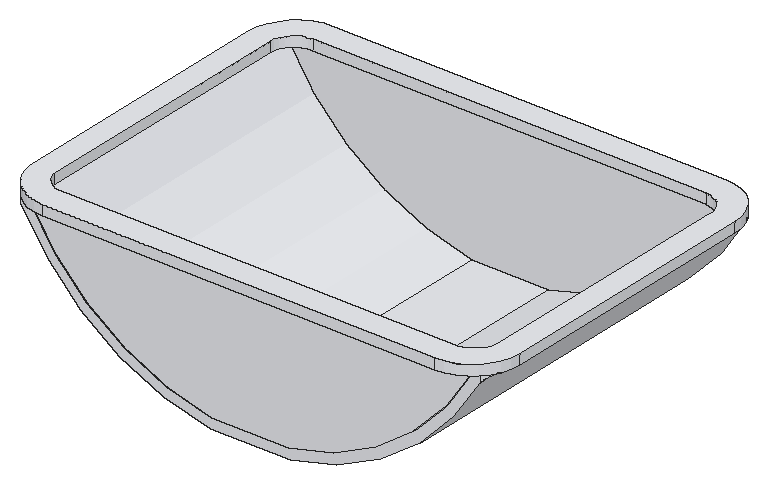
Revit family "Deca_Cuba de Embutir Retangular_L.375", category Plumbing Fixtures, host Face, Revit 2012
Parameters (values of type "L.375.17_Branco Gelo GE17")
  WFU = 0
  Vendido Separadamente = " Sifão para lavatório: Cromado: (1680.C.100.112), Dourado (1680.D.100.112), Preto Fosco (1680.F.100.112.PTO).   Slim: Cromado (1684.C.100.112), Dourado (1684.D.100.112) e Gold (1684.D.100.112.GLD).  Quadra: Cromado (1685.C.100.112). Articulado:  Cromado (1682.C.100.112).                                                                                                                                                                                                                                                                                                                                                                                                                                                                                           Válvulas de escoamentos compatíveis: Luxo: Cromado (1601.C), Dourado (1601.D), Preto Fosco (1601.F.PTO) Gold (1601.D.GLD); Click: Cromado (1601.C.CLI).  Competitivo: Cromado (1602.C), Dourado (1602.D); Tampão plástico: Cromado (1602.C.PLA)."  # constant formula
  Variações de COR = "Branco (L.375.17); Creme (L.375.37); Ébano (L.375.95)"  # constant formula
  URL = "www.deca.com.br/produtos"
  Segmento = "Competitivo"  # constant formula
  Raio Ponto de Esgoto = 20 mm  # constant formula
  Produto = "Cuba de embutir retangular"  # constant formula
  Peso Liquido (Kg) = 6.6
  Norma = "ABNT NBR 15097-1: 2011"  # constant formula
  Model = Código  # "L.375.17"
  Min-max [instance] = if(Espesura Bancada > 30 mm, 30 mm, if(Espesura Bancada < 2 mm, 2 mm, Espesura Bancada))  # 2 mm
  Material = "Deca_Vitreous China"  # constant formula
  Manufacturer = "Deca"  # constant formula
  Louça/Metais = "Louça"  # constant formula
  Linha = "Cubas de embutir"  # constant formula
  Informações Complementares = ""
  Flow Pressure = 0.00 psi
  Espesura Bancada [instance] = 0 mm
  Diâmetro Ponto de Esgoto = Raio Ponto de Esgoto * 2  # 40 mm
  Description = "Cuba de embutir"  # constant formula
  Default Elevation = 0 mm
  Código = "L.375.17"
  Cuba = Deca GE17 Branco Gelo Cerâmica
  Criado por = "Contino/quattroD"  # constant formula
  Atendimento ao Cliente = "0800-0117073"  # constant formula
  Assembly Code = "D2010400"
  Aprovado por = "Contino/quattroD"  # constant formula
  Acompanha o Produto = ""
Types (4, lengths in mm): name | Peso Liquido (Kg) | Model | Espesura Bancada | Código | Cuba
  (no name) | 6.6 | "L.375.17" | 0 | "L.375.17" | Deca GE17 Branco Gelo Cerâmica
  L.375.17_Branco Gelo GE17 | 6.6 | "L.375.17" | 0 | "L.375.17" | Deca GE17 Branco Gelo Cerâmica
  L.375.37_Creme CR37 | 5.9 | "L.375.37" | 2 | "L.375.37" | Deca CR37 Creme Cerâmica
  L.375.95_Ébano EB95 | 6.6 | "L.375.95" | 0 | "L.375.95" | Deca EB95 Ébano Cerâmica
Reference planes
  plane 1 "Center (Front/Back)": y = 0
  plane 2 "Reference Plane": z = 0
  plane 3 "Center (Left/Right)": x = 0
  plane 4 "Bottom 1": z = -2
  plane 5 "Bottom 2": z = -12
  plane 6 "Bottom 3": z = -167.028
  plane 7 "Left 2": x = -237.466
  plane 8 "Left 1": x = -215
  plane 9 "Right 1": x = 215
  plane 10 "Right 2": x = 237.466
  plane 11 "Back 2": y = 177.5
  plane 12 "Back 1": y = 152.312
  plane 13 "Front 1": y = -152.312
  plane 14 "Front 2": y = -177.5
Forms (mm)
  Extrusion 1, solid, material "Deca GE17 Branco Gelo Cerâmica" <- "Cuba"
    sketch origin (0, -188.125, -2.5) x (1, 0, 0) y (0, 0, 1)
      loop
        arc (-37.34, -138.635) -> (-141.895, -94.694) -> (-216.758, -9.5) r 253.057
        line (-216.758, -9.5) -> (-234.146, -9.5)
        arc (-234.146, -9.5) -> (-228.833, -11.015) -> (-225.118, -15.104) r 10.074
        arc (-225.118, -15.104) -> (-147.365, -103.103) -> (-39.069, -148.505) r 263.078
        arc (-39.069, -148.505) -> (-35.479, -150.975) -> (-34, -155.074) r 7.12
        line (-34, -155.074) -> (34, -155.074)
        arc (34, -155.074) -> (35.479, -150.975) -> (39.069, -148.505) r 7.12
        arc (39.069, -148.505) -> (147.365, -103.103) -> (225.118, -15.104) r 263.078
        arc (225.118, -15.104) -> (228.833, -11.015) -> (234.146, -9.5) r 10.074
        line (234.146, -9.5) -> (216.758, -9.5)
        arc (216.758, -9.5) -> (141.895, -94.694) -> (37.34, -138.635) r 253.057
        line (37.34, -138.635) -> (-37.34, -138.635)
    from -351.444 to -24.781
  Extrusion 2, void
    sketch origin (0, 0, 20) x (-1, 0, 0) y (0, -1, 0)
      loop
        line (215, -128.933) -> (215, 134.829)
        arc (215, 134.829) -> (209.603, 145.471) -> (199.826, 152.312) r 24.549
        line (199.826, 152.312) -> (-189.51, 152.312)
        arc (-189.51, 152.312) -> (-207.534, 144.846) -> (-215, 126.822) r 25.49
        line (-215, 126.822) -> (-215, -129.098)
        arc (-215, -129.098) -> (-208.201, -145.513) -> (-191.786, -152.312) r 23.214
        line (-191.786, -152.312) -> (191.621, -152.312)
        arc (191.621, -152.312) -> (208.153, -145.464) -> (215, -128.933) r 23.379
    from -292.649 to 227.734
  Extrusion 3, solid, material "Deca GE17 Branco Gelo Cerâmica" <- "Cuba"
    sketch origin (0, 0, 20) x (-1, 0, 0) y (0, -1, 0)
      loop
        arc (191.322, -177.5) -> (223.951, -163.985) -> (237.466, -131.356) r 46.144
        line (237.466, -131.356) -> (237.466, 134.672)
        arc (237.466, 134.672) -> (222.876, 165.137) -> (191.441, 177.5) r 46.144
        line (191.441, 177.5) -> (-191.302, 177.5)
        arc (-191.302, 177.5) -> (-223.931, 163.985) -> (-237.466, 131.356) r 46.144
        line (-237.466, 131.356) -> (-237.466, -131.356)
        arc (-237.466, -131.356) -> (-223.951, -163.985) -> (-191.322, -177.5) r 46.144
        line (-191.322, -177.5) -> (191.322, -177.5)
      loop
        arc (191.621, -152.312) -> (208.153, -145.464) -> (215, -128.933) r 23.379
        line (215, -128.933) -> (215, 134.829)
        arc (215, 134.829) -> (209.603, 145.471) -> (199.826, 152.312) r 24.549
        line (199.826, 152.312) -> (-189.51, 152.312)
        arc (-189.51, 152.312) -> (-207.534, 144.846) -> (-215, 126.822) r 25.49
        line (-215, 126.822) -> (-215, -129.098)
        arc (-215, -129.098) -> (-208.201, -145.513) -> (-191.786, -152.312) r 23.214
        line (-191.786, -152.312) -> (191.621, -152.312)
    from -32 to -22
  Extrusion 4, void
    sketch origin (0, 0, 32.187) x (-1, 0, 0) y (0, -1, 0)
      loop
        circle (0, 0) r 25
    from -286.527 to -77.346
  Extrusion 5, solid, material "Deca GE17 Branco Gelo Cerâmica" <- "Cuba"
    sketch origin (0, 0, 20) x (-1, 0, 0) y (0, -1, 0)
      loop
        circle (0, 0) r 35
    from -187.028 to -180.574
  Extrusion 6, solid, material "Deca GE17 Branco Gelo Cerâmica" <- "Cuba"
    sketch origin (0, -161.25, 0) x (1, 0, 0) y (0, 0, 1)
      loop
        line (-37.34, -141.156) -> (37.34, -141.156)
        arc (37.34, -141.156) -> (141.9, -97.208) -> (216.758, -12) r 253.038
        line (216.758, -12) -> (-216.758, -12)
        arc (-216.758, -12) -> (-141.9, -97.208) -> (-37.34, -141.156) r 253.038
    from -7.938 to 2.094
  Extrusion 7, void
    sketch origin (-250, 0, 0) x (0, -1, 0) y (0, 0, 1)
      loop
        line (169.288, -151.005) -> (41.788, -151.005) -> (41.788, -176.005) -> (169.288, -176.005) -> (169.288, -151.005)
    from -336.797 to -172.534
  Extrusion 8, solid, material "Deca GE17 Branco Gelo Cerâmica" <- "Cuba"
    sketch origin (0, 163.75, 0) x (1, 0, 0) y (0, 0, 1)
      loop
        arc (-216.758, -12) -> (-141.9, -97.208) -> (-37.34, -141.156) r 253.038
        line (-37.34, -141.156) -> (37.34, -141.156)
        arc (37.34, -141.156) -> (141.9, -97.208) -> (216.758, -12) r 253.038
        line (216.758, -12) -> (-216.758, -12)
    from 0.431 to 10.438
  Extrusion 9, void
    sketch origin (-250, 272.604, 0) x (0, -1, 0) y (0, 0, 1)
      loop
        line (230.816, -151.005) -> (87.5, -151.005) -> (87.5, -176.005) -> (230.816, -176.005) -> (230.816, -151.005)
    from -336.797 to -172.534
  Extrusion 10, void
    sketch origin (0, 0, 20) x (-1, 0, 0) y (0, -1, 0)
      loop
        line (237.466, 134.672) -> (249.408, 134.672) -> (249.408, 192.5) -> (191.441, 192.5) -> (191.441, 177.5)
        arc (191.441, 177.5) -> (222.876, 165.137) -> (237.466, 134.672) r 46.144
    from -54.441 to 11.169
  Extrusion 11, void
    sketch origin (0, 0, 20) x (1, 0, 0) y (0, 1, 0)
      loop
        arc (237.466, -134.672) -> (222.876, -165.137) -> (191.441, -177.5) r 46.144
        line (191.441, -177.5) -> (191.441, -192.5) -> (249.408, -192.5) -> (249.408, -134.672) -> (237.466, -134.672)
    from -54.441 to 11.169
  Extrusion 12, void
    sketch origin (0, 0, 20) x (1, 0, 0) y (0, 1, 0)
      loop
        line (237.466, 134.672) -> (249.408, 134.672) -> (249.408, 192.5) -> (191.441, 192.5) -> (191.441, 177.5)
        arc (191.441, 177.5) -> (222.876, 165.137) -> (237.466, 134.672) r 46.144
    from -54.441 to 11.169
  Extrusion 13, void
    sketch origin (0, 0, 20) x (-1, 0, 0) y (0, -1, 0)
      loop
        arc (237.466, -134.672) -> (222.876, -165.137) -> (191.441, -177.5) r 46.144
        line (191.441, -177.5) -> (191.441, -192.5) -> (249.408, -192.5) -> (249.408, -134.672) -> (237.466, -134.672)
    from -54.441 to 11.169
Cuts and joins
  Extrusion 9, Extrusion 11, Extrusion 12 cuts Extrusion 6
  Extrusion 4 cuts Extrusion 5
  Extrusion 4, Extrusion 7, Extrusion 9, Extrusion 10, Extrusion 11, Extrusion 12, Extrusion 13 cuts Extrusion 1
  Extrusion 9, Extrusion 13 cuts Extrusion 8
  Extrusion 11 cuts Extrusion 3
Lines and regions (mm)
  Masking region 1
    outline origin (0, 0, 0) x (0, 1, 0) y (0, 0, 1)
      loop
        line (-177.5, -2) -> (-177.5, -12) -> (-163.344, -12) -> (-163.344, -151.005) -> (-40.865, -151.005)
        arc (-40.865, -151.005) -> (-36.011, -153.016) -> (-34, -157.87) r 6.865
        line (-34, -157.87) -> (-34, -167.028) -> (0, -167.028) -> (34, -167.028) -> (34, -157.87)
        arc (34, -157.87) -> (36.011, -153.016) -> (40.865, -151.005) r 6.865
        line (40.865, -151.005) -> (163.344, -151.005) -> (163.344, -12) -> (177.5, -12) -> (177.5, -2) -> (-177.5, -2)
  Masking region 2
    outline origin (0, 0, 20) x (-1, 0, 0) y (0, -1, 0)
      loop
        line (-191.322, -177.5) -> (191.322, -177.5)
        arc (191.322, -177.5) -> (223.951, -163.985) -> (237.466, -131.356) r 46.144
        line (237.466, -131.356) -> (237.466, 134.672)
        arc (237.466, 134.672) -> (222.876, 165.137) -> (191.441, 177.5) r 46.144
        line (191.441, 177.5) -> (-191.302, 177.5)
        arc (-191.302, 177.5) -> (-223.931, 163.985) -> (-237.446, 131.356) r 46.144
        line (-237.446, 131.356) -> (-237.466, -131.356)
        arc (-237.466, -131.356) -> (-223.951, -163.985) -> (-191.322, -177.5) r 46.144
  Masking region 3
    outline origin (0, -188.125, 0) x (1, 0, 0) y (0, 0, 1)
      loop
        arc (-225.118, -17.604) -> (-147.365, -105.603) -> (-39.069, -151.005) r 263.078
        arc (-39.069, -151.005) -> (-35.479, -153.475) -> (-34, -157.574) r 7.12
        line (-34, -157.574) -> (-34, -167.028) -> (34, -167.028) -> (34, -157.574)
        arc (34, -157.574) -> (35.479, -153.475) -> (39.069, -151.005) r 7.12
        arc (39.069, -151.005) -> (147.365, -105.603) -> (225.118, -17.604) r 263.078
        arc (225.118, -17.604) -> (228.859, -13.499) -> (234.206, -12) r 10.074
        line (234.206, -12) -> (237.466, -12) -> (237.466, -2) -> (-237.466, -2) -> (-237.466, -12) -> (-234.206, -12)
        arc (-234.206, -12) -> (-228.859, -13.499) -> (-225.118, -17.604) r 10.074
  symbolic lines
    curve 1: line (-187.005, -165.027, 20) -> (187.005, -165.027, 20)
    curve 2: circle (0.016, 0.074, 20) r 22 normal (0, 0, 1)
    curve 3: circle (0.016, 0.074, 20) r 30.836 normal (0, 0, 1)
    curve 4: line (-224.993, 130.611, 20) -> (-224.993, -130.611, 20)
    curve 5: arc (-187.005, -165.027, 20) -> (-212.635, -155.143, 20) -> (-224.993, -130.611, 20) r 38.174
    curve 6: arc (187.005, -165.027, 20) -> (212.635, -155.143, 20) -> (224.993, -130.611, 20) r 38.174
    curve 7: arc (-187.005, 165.027, 20) -> (-212.635, 155.143, 20) -> (-224.993, 130.611, 20) r 38.174
    curve 8: arc (187.005, 165.027, 20) -> (212.635, 155.143, 20) -> (224.993, 130.611, 20) r 38.174
    curve 9: line (-187.005, 165.027, 20) -> (187.005, 165.027, 20)
    curve 10: line (224.993, 130.611, 20) -> (224.993, -130.611, 20)
    curve 11: line (-215, -134.829, 20) -> (-215, 129.27, 20)
    curve 12: arc (-215, 129.27, 20) -> (-208.251, 145.563, 20) -> (-191.958, 152.312, 20) r 23.042
    curve 13: line (-191.958, 152.312, 20) -> (191.897, 152.312, 20)
    curve 14: arc (191.897, 152.312, 20) -> (208.233, 145.545, 20) -> (215, 129.209, 20) r 23.103
    curve 15: line (215, 129.209, 20) -> (215, -127.128, 20)
    curve 16: arc (215, -127.128, 20) -> (207.624, -144.936, 20) -> (189.816, -152.312, 20) r 25.184
    curve 17: line (189.816, -152.312, 20) -> (-199.826, -152.312, 20)
    curve 18: arc (-201.812, -151.451, 20) -> (-2.165, -139.485, 20) -> (197.503, -151.11, 20) r 1695.659
    curve 19: arc (-200.699, 150.59, 20) -> (-0.071, 138.701, 20) -> (200.555, 150.628, 20) r 1696.035
    curve 20: arc (-199.826, -152.312, 20) -> (-209.603, -145.471, 20) -> (-215, -134.829, 20) r 24.549
    curve 21: line (-234.146, -188.125, -12) -> (234.146, -188.125, -12)
    curve 22: line (-34, -188.125, -157.574) -> (34, -188.125, -157.574)
    curve 23: line (-39.069, -188.125, -151.005) -> (39.069, -188.125, -151.005)
    curve 24: line (0, -40.865, -151.005) -> (0, 40.865, -151.005)
    curve 25: line (0, -34, -157.87) -> (0, 34, -157.87)
    curve 26: line (0, -163.344, -12) -> (0, 163.319, -12)
Dimensions and locks
  "Min-max": level to plane 4 "Bottom 1"
  locked: plane 4 "Bottom 1" to plane 5 "Bottom 2" at 10
  plane 7 "Left 2" to plane 10 "Right 2" = 474.933 mm
  plane 8 "Left 1" to plane 9 "Right 1" = 430 mm
  plane 11 "Back 2" to plane 14 "Front 2" = 355 mm
  plane 12 "Back 1" to plane 13 "Front 1" = 304.624 mm
  plane 6 "Bottom 3" to plane 4 "Bottom 1" = 165.028 mm
  plane 5 "Bottom 2" to plane 6 "Bottom 3" = 155.028 mm
  plane 10 "Right 2" to plane 7 "Left 2" = 474.933 mm
  level to plane 6 "Bottom 3" = 167.028 mm  (x2)
  plane 14 "Front 2" to plane 11 "Back 2" = 355 mm
  aligned and locked: host face to plane 2 "Reference Plane"
  aligned: level to host face
  aligned and locked: level to host face
  aligned and locked: plane 4 "Bottom 1" to Extrusion 3
  aligned and locked: plane 5 "Bottom 2" to Extrusion 3
  aligned: cut or joined group of Extrusion 6, Extrusion 9, Extrusion 11, Extrusion 12 to plane 5 "Bottom 2"  (x4)
  aligned and locked: Extrusion 5 to plane 6 "Bottom 3"
  aligned: cut or joined group of Extrusion 6, Extrusion 9, Extrusion 11, Extrusion 12 to Extrusion 5
  aligned: cut or joined group of Extrusion 6, Extrusion 9, Extrusion 11, Extrusion 12 to Extrusion 3
  aligned: cut or joined group of Extrusion 6, Extrusion 9, Extrusion 11, Extrusion 12 to cut or joined group of Extrusion 6, Extrusion 9, Extrusion 11, Extrusion 12
  aligned: cut or joined group of Extrusion 6, Extrusion 9, Extrusion 11, Extrusion 12 to Extrusion 8
  aligned and locked: Extrusion 6 sketch curve to plane 5 "Bottom 2"
  aligned and locked: Masking region 1 sketch curve to plane 4 "Bottom 1"
Automatic sketch dimensions
  host sketch curve to host sketch curve = 765.774 mm
  host sketch curve to host sketch curve = 663.106 mm
  curve 2 to curve 3 = 0 mm  (x2)
  curve 15 to plane 9 "Right 1" = 0 mm
  curve 14 to plane 12 "Back 1" = 0 mm
  curve 17 to plane 13 "Front 1" = 0 mm
  curve 11 to plane 8 "Left 1" = 0 mm
  plane 9 "Right 1" to curve 10 = 9.993 mm
  curve 19 to plane 12 "Back 1" = 1.684 mm
  curve 19 to plane 9 "Right 1" = 14.445 mm
  plane 13 "Front 1" to curve 18 = 1.202 mm
  curve 18 to plane 9 "Right 1" = 17.497 mm
  curve 16 to curve 6 = 2.811 mm
  curve 13 to curve 8 = 4.892 mm
  plane 3 "Center (Left/Right)" to curve 2 = 0.016 mm
  curve 19 to plane 3 "Center (Left/Right)" = 0.233 mm
  curve 18 to plane 3 "Center (Left/Right)" = 0.718 mm
  plane 8 "Left 1" to curve 5 = 27.995 mm
  curve 9 to plane 11 "Back 2" = 12.473 mm
  plane 8 "Left 1" to curve 9 = 27.995 mm
  curve 5 to curve 20 = 4.058 mm
  curve 7 to curve 12 = 4.953 mm
  plane 8 "Left 1" to curve 20 = 15.174 mm
  curve 12 to curve 19 = 8.741 mm
  curve 17 to curve 18 = 1.986 mm
  curve 4 to plane 8 "Left 1" = 9.993 mm
  curve 10 to curve 14 = 1.402 mm
  curve 4 to curve 12 = 1.341 mm
  curve 3 to plane 1 "Center (Front/Back)" = 0.074 mm
  curve 6 to curve 16 = 0.275 mm
  curve 5 to curve 20 = 25.458 mm
  curve 5 to curve 20 = 2.526 mm
  curve 5 to curve 20 = 4.219 mm
  Extrusion 1 sketch curve to Extrusion 1 sketch curve = 0 mm  (x6)
  Extrusion 1 sketch curve to plane 5 "Bottom 2" = 0 mm  (x2)
  plane 7 "Left 2" to Extrusion 1 sketch curve = 3.32 mm
  plane 5 "Bottom 2" to Extrusion 1 sketch curve = 5.604 mm
  Extrusion 1 sketch curve to Extrusion 1 sketch curve = 9.028 mm
  Extrusion 1 sketch curve to plane 8 "Left 1" = 1.758 mm
  plane 6 "Bottom 3" to Extrusion 1 sketch curve = 9.203 mm
  Extrusion 1 sketch curve to plane 3 "Center (Left/Right)" = 41.115 mm
  Extrusion 1 sketch curve to Extrusion 1 sketch curve = 2.047 mm  (x2)
  Extrusion 1 sketch curve to Extrusion 1 sketch curve = 1.728 mm
  Extrusion 1 sketch curve to Extrusion 1 sketch curve = 7.115 mm
  Extrusion 1 sketch curve to plane 3 "Center (Left/Right)" = 5.933 mm
  plane 3 "Center (Left/Right)" to Extrusion 1 sketch curve = 5.933 mm
  plane 6 "Bottom 3" to Extrusion 1 sketch curve = 9.454 mm
  plane 3 "Center (Left/Right)" to Extrusion 1 sketch curve = 34 mm
  Extrusion 1 sketch curve to Extrusion 1 sketch curve = 3.34 mm
  Extrusion 1 sketch curve to Extrusion 1 sketch curve = 5.068 mm
  plane 9 "Right 1" to Extrusion 1 sketch curve = 1.758 mm
  Extrusion 1 sketch curve to Extrusion 1 sketch curve = 8.36 mm
  Extrusion 1 sketch curve to plane 10 "Right 2" = 3.32 mm
  Extrusion 1 sketch curve to Extrusion 1 sketch curve = 0.251 mm
  plane 5 "Bottom 2" to Extrusion 1 sketch curve = 10.074 mm  (x2)
  Extrusion 3 sketch curve to plane 10 "Right 2" = 0 mm
  Extrusion 3 sketch curve to plane 9 "Right 1" = 0 mm
  Extrusion 3 sketch curve to plane 12 "Back 1" = 0 mm
  Extrusion 3 sketch curve to plane 13 "Front 1" = 0 mm
  Extrusion 3 sketch curve to plane 8 "Left 1" = 0 mm
  Extrusion 3 sketch curve to plane 7 "Left 2" = 0 mm
  Extrusion 3 sketch curve to plane 10 "Right 2" = 0.02 mm
  Extrusion 3 sketch curve to plane 9 "Right 1" = 23.214 mm
  plane 11 "Back 2" to Extrusion 3 sketch curve = 0 mm
  Extrusion 3 sketch curve to plane 9 "Right 1" = 23.678 mm
  Extrusion 3 sketch curve to plane 9 "Right 1" = 23.698 mm
  Extrusion 3 sketch curve to Extrusion 3 sketch curve = 1.792 mm
  plane 8 "Left 1" to Extrusion 3 sketch curve = 23.937 mm
  plane 8 "Left 1" to Extrusion 3 sketch curve = 23.678 mm
  plane 14 "Front 2" to Extrusion 3 sketch curve = 0 mm
  plane 8 "Left 1" to Extrusion 3 sketch curve = 23.559 mm
  Extrusion 3 sketch curve to Extrusion 3 sketch curve = 0.299 mm
  plane 8 "Left 1" to Extrusion 3 sketch curve = 15.174 mm
  Extrusion 3 sketch curve to Extrusion 3 sketch curve = 22.932 mm
  Extrusion 3 sketch curve to Extrusion 3 sketch curve = 1.976 mm
  Extrusion 3 sketch curve to Extrusion 3 sketch curve = 0 mm
  plane 1 "Center (Front/Back)" to Extrusion 4 sketch curve = 0 mm
  Extrusion 4 sketch curve to plane 3 "Center (Left/Right)" = 0 mm
  plane 1 "Center (Front/Back)" to Extrusion 5 sketch curve = 0 mm
  Extrusion 5 sketch curve to plane 3 "Center (Left/Right)" = 0 mm
  Extrusion 6 sketch curve to plane 8 "Left 1" = 1.758 mm
  Extrusion 6 sketch curve to plane 3 "Center (Left/Right)" = 37.34 mm
  Extrusion 6 sketch curve to plane 3 "Center (Left/Right)" = 5.933 mm
  plane 3 "Center (Left/Right)" to Extrusion 6 sketch curve = 5.933 mm
  plane 3 "Center (Left/Right)" to Extrusion 6 sketch curve = 37.34 mm
  plane 9 "Right 1" to Extrusion 6 sketch curve = 1.758 mm
  plane 6 "Bottom 3" to Extrusion 6 sketch curve = 25.872 mm
  plane 6 "Bottom 3" to Extrusion 7 sketch curve = 16.022 mm
  plane 1 "Center (Front/Back)" to Extrusion 7 sketch curve = 41.788 mm
  plane 14 "Front 2" to Extrusion 7 sketch curve = 8.212 mm
  Extrusion 7 sketch curve to plane 6 "Bottom 3" = 8.978 mm
  Extrusion 8 sketch curve to plane 5 "Bottom 2" = 0 mm
  Extrusion 8 sketch curve to plane 8 "Left 1" = 1.758 mm
  Extrusion 8 sketch curve to plane 3 "Center (Left/Right)" = 37.34 mm
  Extrusion 8 sketch curve to plane 3 "Center (Left/Right)" = 5.933 mm
  plane 3 "Center (Left/Right)" to Extrusion 8 sketch curve = 5.933 mm
  plane 3 "Center (Left/Right)" to Extrusion 8 sketch curve = 37.34 mm
  plane 9 "Right 1" to Extrusion 8 sketch curve = 1.758 mm
  plane 6 "Bottom 3" to Extrusion 8 sketch curve = 25.872 mm
  plane 11 "Back 2" to Extrusion 9 sketch curve = 7.604 mm
  Extrusion 9 sketch curve to plane 6 "Bottom 3" = 8.978 mm
  Extrusion 9 sketch curve to plane 1 "Center (Front/Back)" = 41.788 mm
  plane 6 "Bottom 3" to Extrusion 9 sketch curve = 16.022 mm
  Masking region 1 sketch curve to plane 14 "Front 2" = 0 mm
  plane 5 "Bottom 2" to Masking region 1 sketch curve = 0 mm  (x2)
  Masking region 1 sketch curve to plane 6 "Bottom 3" = 0 mm
  Masking region 1 sketch curve to plane 1 "Center (Front/Back)" = 0 mm
  Masking region 1 sketch curve to plane 11 "Back 2" = 0 mm
  Masking region 1 sketch curve to plane 13 "Front 1" = 11.032 mm
  plane 6 "Bottom 3" to Masking region 1 sketch curve = 16.022 mm
  plane 1 "Center (Front/Back)" to Masking region 1 sketch curve = 40.865 mm
  Masking region 1 sketch curve to Masking region 1 sketch curve = 6.865 mm  (x2)
  Masking region 1 sketch curve to Masking region 1 sketch curve = 34 mm
  plane 12 "Back 1" to Masking region 1 sketch curve = 11.032 mm
  plane 6 "Bottom 3" to Masking region 1 sketch curve = 9.158 mm
  Extrusion 10 sketch curve to plane 7 "Left 2" = 0 mm
  plane 14 "Front 2" to Extrusion 10 sketch curve = 0 mm
  plane 8 "Left 1" to Extrusion 10 sketch curve = 23.559 mm
  Extrusion 10 sketch curve to plane 7 "Left 2" = 11.942 mm
  plane 13 "Front 1" to Extrusion 10 sketch curve = 17.64 mm
  Extrusion 10 sketch curve to plane 14 "Front 2" = 15 mm
  Extrusion 11 sketch curve to plane 9 "Right 1" = 23.559 mm
  Extrusion 11 sketch curve to plane 10 "Right 2" = 0 mm
  plane 10 "Right 2" to Extrusion 11 sketch curve = 11.942 mm
  Extrusion 11 sketch curve to plane 14 "Front 2" = 15 mm
  plane 14 "Front 2" to Extrusion 11 sketch curve = 0 mm
  plane 13 "Front 1" to Extrusion 11 sketch curve = 17.64 mm
  Extrusion 12 sketch curve to plane 9 "Right 1" = 23.559 mm
  Extrusion 12 sketch curve to plane 10 "Right 2" = 0 mm
  plane 10 "Right 2" to Extrusion 12 sketch curve = 11.942 mm
  Extrusion 12 sketch curve to plane 12 "Back 1" = 20.956 mm
  Extrusion 12 sketch curve to plane 12 "Back 1" = 17.64 mm
  plane 11 "Back 2" to Extrusion 12 sketch curve = 15 mm
  Extrusion 13 sketch curve to plane 7 "Left 2" = 0 mm
  Extrusion 13 sketch curve to plane 11 "Back 2" = 0 mm
  plane 8 "Left 1" to Extrusion 13 sketch curve = 23.559 mm
  Extrusion 13 sketch curve to plane 7 "Left 2" = 11.942 mm
  plane 11 "Back 2" to Extrusion 13 sketch curve = 15 mm
  Extrusion 13 sketch curve to plane 12 "Back 1" = 17.64 mm
  Masking region 2 sketch curve to plane 7 "Left 2" = 0 mm
  plane 14 "Front 2" to Masking region 2 sketch curve = 0 mm
  plane 8 "Left 1" to Masking region 2 sketch curve = 23.559 mm
  plane 11 "Back 2" to Masking region 2 sketch curve = 0 mm
  Masking region 2 sketch curve to plane 9 "Right 1" = 23.698 mm
  Masking region 2 sketch curve to plane 9 "Right 1" = 23.678 mm
  Masking region 2 sketch curve to Masking region 2 sketch curve = 46.144 mm
  Masking region 2 sketch curve to plane 12 "Back 1" = 20.956 mm
  Masking region 2 sketch curve to plane 10 "Right 2" = 0 mm
  plane 13 "Front 1" to Masking region 2 sketch curve = 20.956 mm
  Masking region 2 sketch curve to plane 10 "Right 2" = 0.02 mm
  Masking region 3 sketch curve to plane 4 "Bottom 1" = 0 mm
  Masking region 3 sketch curve to plane 7 "Left 2" = 0 mm
  Masking region 3 sketch curve to plane 5 "Bottom 2" = 0 mm  (x2)
  Masking region 3 sketch curve to plane 6 "Bottom 3" = 0 mm
  Masking region 3 sketch curve to Masking region 3 sketch curve = 3.26 mm
  plane 7 "Left 2" to Masking region 3 sketch curve = 3.32 mm
  plane 5 "Bottom 2" to Masking region 3 sketch curve = 5.604 mm
  Masking region 3 sketch curve to Masking region 3 sketch curve = 9.028 mm
  plane 6 "Bottom 3" to Masking region 3 sketch curve = 9.203 mm
  Masking region 3 sketch curve to plane 3 "Center (Left/Right)" = 41.115 mm
  Masking region 3 sketch curve to Masking region 3 sketch curve = 2.047 mm  (x2)
  Masking region 3 sketch curve to Masking region 3 sketch curve = 7.115 mm
  Masking region 3 sketch curve to plane 3 "Center (Left/Right)" = 5.933 mm
  plane 3 "Center (Left/Right)" to Masking region 3 sketch curve = 5.933 mm
  plane 6 "Bottom 3" to Masking region 3 sketch curve = 9.454 mm
  plane 3 "Center (Left/Right)" to Masking region 3 sketch curve = 34 mm
  Masking region 3 sketch curve to Masking region 3 sketch curve = 5.068 mm
  plane 9 "Right 1" to Masking region 3 sketch curve = 10.118 mm
  Masking region 3 sketch curve to plane 10 "Right 2" = 3.32 mm
  Masking region 3 sketch curve to plane 10 "Right 2" = 3.26 mm
  Masking region 3 sketch curve to plane 10 "Right 2" = 0 mm
  Masking region 3 sketch curve to Masking region 3 sketch curve = 0.251 mm  (x2)
  Masking region 3 sketch curve to Masking region 3 sketch curve = 10.074 mm
  curve 21 to plane 5 "Bottom 2" = 0 mm
  plane 7 "Left 2" to curve 21 = 3.32 mm
  plane 6 "Bottom 3" to curve 23 = 16.022 mm
  curve 23 to plane 3 "Center (Left/Right)" = 39.069 mm
  curve 23 to curve 22 = 5.068 mm
  plane 6 "Bottom 3" to curve 22 = 9.454 mm
  plane 3 "Center (Left/Right)" to curve 22 = 34 mm
  curve 22 to curve 23 = 5.068 mm
  curve 21 to plane 10 "Right 2" = 3.32 mm
  plane 5 "Bottom 2" to curve 26 = 0 mm
  curve 26 to plane 13 "Front 1" = 11.032 mm
  plane 6 "Bottom 3" to curve 24 = 16.022 mm
  plane 1 "Center (Front/Back)" to curve 24 = 40.865 mm
  curve 24 to curve 25 = 6.865 mm
  plane 6 "Bottom 3" to curve 25 = 9.158 mm
  curve 25 to plane 1 "Center (Front/Back)" = 34 mm
  curve 25 to curve 24 = 6.865 mm
  plane 12 "Back 1" to curve 26 = 11.007 mm
  Extrusion 2 sketch curve to plane 12 "Back 1" = 0 mm
  Extrusion 2 sketch curve to plane 8 "Left 1" = 0 mm
  plane 13 "Front 1" to Extrusion 2 sketch curve = 17.483 mm
  Extrusion 2 sketch curve to plane 13 "Front 1" = 0 mm
  plane 8 "Left 1" to Extrusion 2 sketch curve = 15.174 mm
  Extrusion 2 sketch curve to plane 9 "Right 1" = 0 mm
  Extrusion 2 sketch curve to plane 9 "Right 1" = 23.214 mm
  Extrusion 2 sketch curve to plane 9 "Right 1" = 25.49 mm
  plane 13 "Front 1" to Extrusion 2 sketch curve = 22.932 mm
  plane 8 "Left 1" to Extrusion 2 sketch curve = 23.379 mm
  radius of curve 2 = 22 mm
  radius of curve 3 = 30.836 mm
  radius of Extrusion 4 sketch curve = 25 mm
  radius of Extrusion 5 sketch curve = 35 mm
Connectors
  piping at (0, 0, -167.028), driven by "Raio Ponto de Esgoto", driven by "Flow Pressure", driven by "WFU"
    settings: on cut or joined group of Extrusion 4, Extrusion 5, index 1, connector radius 0.7874", flow factor 0, pipe flow 0 GPM, pressure drop 0.00 psi, fitting loss kfactor 0, connector angle 0.00°, fixture units 0, engagement length 0 mm, flow configuration 3, flow direction 2, fitting loss method 0, system type 16, joint type 0, gender type 0, connector reference index -1, connector utility 0, adjustable connector no, is connector primary yes, fitting loss table "", connector description ""
